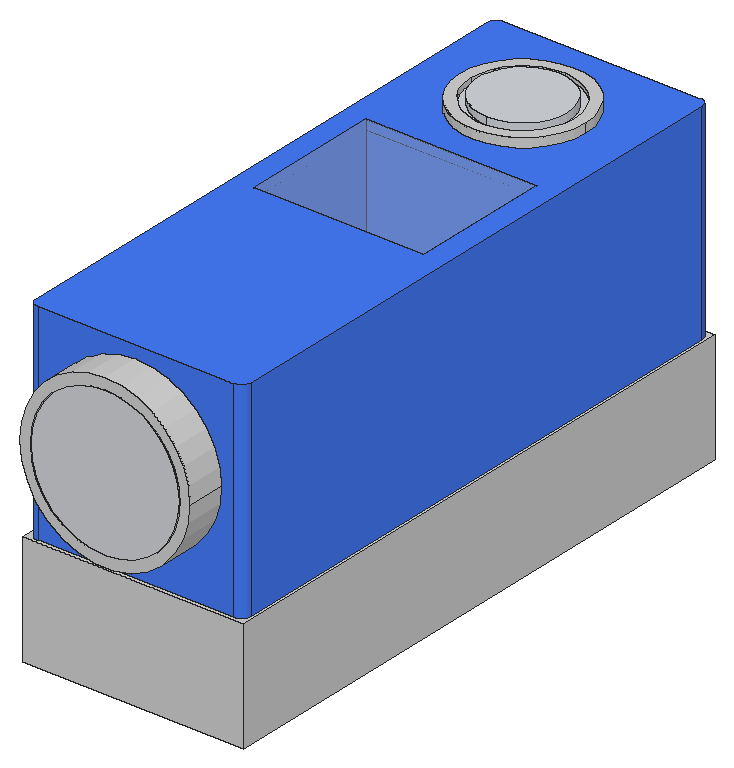
Revit family "Building-IEC309Connections-GEWISS-66IB-INTERLOCKED-SOCKET-OUTLETS-HD_IP66_WITH_BOTTOM_24V", category Apparecchi elettrici, host Superficie, Revit 2019
Family settings
  Host = Superficie
  Mantenere orientamento annotazione = Sì
  Quota connettore circolare = Usa diametro
  Tipo di parte = Normale
  Taglio con vuoti quando caricato = Sì
  Condiviso = Sì
  Punto di calcolo locali = Sì
Parameters (values of type "GW66998 - VR. S.-OUT. WB. 2P 160VA TF. 230/24V CBF")
  vetro = Default - Vetro
  presa = Grigio RAL - 7035
  giallo = 0 mm
  dist_piano [instance] = 0 mm
  Working temperature = "-25 ÷ +40 °C"
  With back-mounting box = "Yes"
  Voltaggio = 0 V
  Vista_2d_pianta [instance] = yes
  Version file RFA = "21.4"
  URL = "https://www.gewiss.com/ww/en"
  Typology = "Vertical"
  Type of use = "Heavy duty"
  Type of fuse = "Ø 10.3x38 mm"
  Thermo-pressure with ball = "80 °C"
  Technical sheet = "https://www.gewiss.com/ww/en/search?q=GW66998"
  Struttura = Grigio RAL - 7035
  Simbolo presa = PRESAINDSTAGNA : 3P
  Simbolo [instance] = no
  Simb_circuito [instance] = not(Simbolo)  # yes
  Shock resistance = "> IK10"
  SEO = "Socket outlet"
  Realized by GEWISS S.p.A. = ""
  Rated power = "160VA"
  Rated frequency (Hz) = "50Hz"
  Rated current (In) = "16"
  Rated current (A) = "16"
  Protection = "Safety transformer"
  Default Elevation = 1219.2 mm
  Produttore = "GEWISS S.p.A."
  Power = "160VA"
  Output voltage = "20-25 V"
  Operating temperature: = "-25 +40 °C"
  Number of poles = "2P"
  No. of poles = "2P"
  N_poli = 1
  Modello = "GW66998"
  Impact resistance at -20 Â°C = "20J"
  Immagine tipo = T.jpg
  IP degree = "IP66"
  IDT = "2d669e67-5247-4248-86bf-ba56704f2efd"
  IDF = "706a5ebe-ff9d-462f-b53a-49af0794706a"
  Glow wire test: = "850 °C"
  Glow Wire Test = "850 °C"
  Frequency = "50Hz"
  Electrocod = "2222"
  EAN code = "8011564184121"
  Distanza x [instance] = 300 mm
  Distanza orizzontale simbolo [instance] = 1.092 mm
  Distanza effettiva x [instance] = 1500 mm - Distanza x  # 1200 mm
  Descrizione = "VR. S.-OUT. WB. 2P 160VA TF. 230/24V CBF"
  Corpo presa = Light Blue
  Cornice simbolo [instance] = yes
  Colour: = "Violet"
  Colour = "Violet"
  Catalogue Range = "66 IB"
  Catalogue = "BUILDING"
  COBie.Tagnumber = ""
  COBie.CreatedOn = ""
  COBie.CreatebBy = ""
  COBie.ComponentRegisterItemID = ""
  COBie.Component.TagNumber = ""
  COBie.Component.Space = ""
  COBie.Component.SerialNumber = ""
  COBie.Component.InstallationDate = ""
  COBie.Component.Description = ""
  COBie.Component.BarCode = ""
Reference planes
  plane 1 "Centro (Fronte/Retro)": y = 0
  plane 2: z = 0
  plane 3 "Centro (Sinistra/Destra)": x = 0
  plane 4: z = -2
  plane 5: x = -300
  plane 6: x = -1500
  plane 7: x = -300
  plane 8: through (-170.762, -4572, -38.353) normal (-0.6157, 0, 0.788)
  plane 9: x = -51.152
  plane 10: x = 53.222
  plane 11: z = -2
  plane 12: x = -74
  plane 13: x = 74
  plane 14: y = 392
  plane 15: y = -2
Forms (mm)
  Extrusion 1, solid, material "Grigio RAL - 7035" <- "Struttura"
    sketch origin (0, 0, 0) x (1, 0, 0) y (0, 1, 0)
      loop
        line (-74, 392) -> (-74, -2) -> (74, -2) -> (74, 392) -> (-74, 392)
    from -2 to 73
Lines and regions (mm)
  Masking region 1, visible <- "Vista_2d_pianta"
    outline origin (0, 0, 0) x (1, 0, 0) y (0, 0, 1)
  Masking region 2, visible <- "Vista_2d_pianta"
    outline origin (0, 0, 0) x (1, 0, 0) y (0, 0, 1)
      loop
        line (-74, 0) -> (74, 0) -> (74, 219) -> (-74, 219) -> (-74, 0)
Dimensions and locks
  locked: plane 2 to plane 4 at 2
  "Distanza effettiva x": plane 5 to plane 6
  plane 3 "Centro (Sinistra/Destra)" to plane 6 = 1500 mm
  "Distanza effettiva x": plane 6 to plane 7
  locked: plane 15 to plane 1 "Centro (Fronte/Retro)" at 2
  locked: Extrusion 1 to plane 11 at 75
  "dist_piano": plane 11 to plane 4
  plane 6 to plane 3 "Centro (Sinistra/Destra)" = 1500 mm
  angle plane 8 to plane 4 = 142.00°
  angle plane 7 to plane 8 = 128.00°
  aligned and locked: plane 2 to host face
  aligned and locked: level to host face
  aligned and locked: plane 3 "Centro (Sinistra/Destra)" to nested 1
  aligned and locked: plane 7 to nested 3
  aligned and locked: Extrusion 1 sketch curve to plane 12
  aligned and locked: Extrusion 1 sketch curve to plane 14
  aligned and locked: Extrusion 1 sketch curve to plane 13
  aligned and locked: Extrusion 1 sketch curve to plane 15
  aligned and locked: Extrusion 1 to plane 11
  aligned and locked: Masking region 2 to plane 12
  aligned and locked: plane 13 to Masking region 2
  aligned and locked: Masking region 2 to level
  aligned and locked: nested 1 to Extrusion 1
  aligned and locked: plane 7 to nested 2
Automatic sketch dimensions
  host sketch curve to host sketch curve = 2438.4 mm  (x2)
  Masking region 2 sketch curve to plane 10 = 20.778 mm
  plane 9 to Masking region 2 sketch curve = 22.848 mm
  level to Masking region 2 sketch curve = 0 mm
  Masking region 2 sketch curve to Masking region 2 sketch curve = 219 mm
Nested families
  nested 1: "66IB PRESE INTERBLOC IMP GRAVOSI 24V IP66_master" at (0, 0, -2), type "66IB PRESE INTERBLOC IMP GRAVOSI 24V IP66_master", detail levels medium+fine
  nested 2: "simbolo_gravosi 24" at (-300, 30.442, 0), Distanza dal muro <- "Distanza orizzontale simbolo", SIMBOLO ACCESO <- "Simb_circuito", type "3P"
  nested 3: "PRESAINDSTAGNA" at (-300, 23.722, 0), Distanza dal muro <- "Distanza orizzontale simbolo", SIMBOLO ACCESO <- "Simbolo", type "3P"
    with SIMBOLO ACCESO no, Distanza dal muro 1.092 mm, BORDO ACCESO yes
Connectors
  electrical at (0, -26, 147.929), driven by "N_poli", driven by "Voltaggio"
    settings: on nested 1, index 1, voltage 0 V, apparent load 0 VA, apparent load phase1 0 VA, apparent load phase2 0 VA, apparent load phase3 0 VA, power factor 1, load classification "Altro", number of poles 1, system type 31, power factor state 1, is connector primary yes, connector utility no, sub classification motor no, connector description ""
Definition of nested family "66IB PRESE INTERBLOC IMP GRAVOSI 24V IP66_master"
  Parameters (values of type "66IB PRESE INTERBLOC IMP GRAVOSI 24V IP66_master")
    w = 144 mm
    d_piano = 75 mm
    corpo presa = none
    Vetro = none
    Struttura = none
    Spessore = 30 mm
    Raggio = 40 mm
    Default Elevation = 14 mm
    Presa = none
    Lunghezza = 103 mm
    IFC.TypeObject = ""
    IFC.ExportType = ""
    IFC.ExportAs = ""
    H_da terra = 586.883 mm
    COBie.CreatedOn = ""
    COBie.CreatebBy = ""
    COBie.ComponentRegisterItemID = ""
    COBie.Component.TagNumber = ""
    COBie.Component.Space = ""
    COBie.Component.SerialNumber = ""
    COBie.Component.InstallationDate = ""
    COBie.Component.Description = ""
    COBie.Component.BarCode = ""
    Altezza = 390 mm
  Reference planes
    plane 1 "Centro (Fronte/Retro)": y = 0
    plane 2: z = 0
    plane 3 "Centro (Sinistra/Destra)": x = 0
    plane 4 "presa": z = 231
    plane 5: z = 221
    plane 6: z = 215
    plane 7: x = -72
    plane 8: x = 72
    plane 9: y = 390
    plane 10: y = 0
    plane 11: y = 324
    plane 12: z = 218
    plane 13: y = 217
    plane 14: x = -57
    plane 15: x = 57
    plane 16: y = 264
    plane 17: y = 170
    plane 18: z = 84.858
    plane 19: z = 208.562
    plane 20: z = 75
    plane 21: z = 149.929
    plane 22 "presa fronte": y = -26
  Forms (mm)
    Extrusion 1, solid, material <- "Struttura"
      sketch origin (0, -427.104, -30) x (1, 0, 0) y (0, 1, 0)
        loop
          circle (0, 751.104) r 34.75
        loop
          circle (0, 751.104) r 42.079
      from 245 to 251
    Extrusion 2, solid, material <- "corpo presa"
      sketch origin (-2.5, -699.604, -30) x (1, 0, 0) y (0, 1, 0)
        loop
          arc (74.5, 1083.298) -> (72.653, 1087.757) -> (68.194, 1089.604) r 6.306
          line (68.194, 1089.604) -> (-63.194, 1089.604)
          arc (-63.194, 1089.604) -> (-67.653, 1087.757) -> (-69.5, 1083.298) r 6.306
          line (-69.5, 1083.298) -> (-69.5, 706.118)
          arc (-69.5, 706.118) -> (-67.592, 701.512) -> (-62.985, 699.604) r 6.515
          line (-62.985, 699.604) -> (67.985, 699.604)
          arc (67.985, 699.604) -> (72.592, 701.512) -> (74.5, 706.118) r 6.515
          line (74.5, 706.118) -> (74.5, 1083.298)
      from 105 to 245
    Extrusion 3, solid
      sketch origin (0, 0, 231) x (0, -1, 0) y (1, 0, 0)
        loop
          circle (-324, 0) r 34.75
      from -16 to -13
    Extrusion 4, void
      sketch origin (0, 0, 231) x (0, -1, 0) y (1, 0, 0)
        loop
          line (-170, -57) -> (-170, 57) -> (-264, 57) -> (-264, -57) -> (-170, -57)
      from -146.142 to -16
    Extrusion 5, solid, material <- "Vetro"
      sketch origin (0, 0, 231) x (0, -1, 0) y (1, 0, 0)
        loop
          line (-170, -57) -> (-170, 57) -> (-264, 57) -> (-264, -57) -> (-170, -57)
      from -22.438 to -16
    Extrusion 6, solid, material <- "Presa"
      sketch origin (0, 0, 0) x (1, 0, 0) y (0, 0, 1)
        loop
          circle (0, 149.929) r 57
        loop
          circle (0, 149.929) r 50
      from 0 to 26
    Extrusion 7, solid
      sketch origin (0, 0, 0) x (1, 0, 0) y (0, 0, 1)
        loop
          circle (0, 149.929) r 50
      from 0 to 26
    Extrusion 8, solid
      sketch origin (0, 0, 231) x (0, -1, 0) y (1, 0, 0)
        loop
          circle (-324, 0) r 30
      from -16 to -8.009
  Cuts and joins
    Extrusion 4 cuts Extrusion 2
  Lines and regions (mm)
    symbolic lines
      curve 1: line (0, -26, 199.929) -> (0, -26, 99.929)
      curve 2: line (50, -26, 149.929) -> (-50, -26, 149.929)
  Dimensions and locks
    locked: plane 5 to plane 4 "presa" at 10
    locked: plane 6 to plane 5 at 6
    equal spacing: plane 7, plane 3 "Centro (Sinistra/Destra)", plane 8
    "w": plane 7 to plane 8
    "Altezza": plane 1 "Centro (Fronte/Retro)" to plane 9
    locked: plane 9 to plane 11 at 66
    locked: plane 12 to plane 6 at 3
    locked: plane 9 to plane 13 at 173
    equal spacing: plane 14, plane 3 "Centro (Sinistra/Destra)", plane 15
    plane 14 to plane 15 = 114 mm
    equal spacing: plane 16, plane 13, plane 17
    locked: plane 16 to plane 17 at 94
    locked: plane 6 to plane 19 at 6.438
    plane 6 to plane 20 = 140 mm
    "d_piano": plane 20 to level
    locked: plane 18 to plane 20 at 9.858
    locked: plane 22 "presa fronte" to plane 10 at 26
    diameter of Extrusion 1 sketch curve = 69.5 mm
    radius of Extrusion 3 sketch curve = 34.75 mm
    aligned and locked: level to plane 2
    aligned and locked: Extrusion 1 to Extrusion 2
    aligned and locked: Extrusion 2 to plane 6
    aligned and locked: Extrusion 1 to plane 5
    aligned and locked: Extrusion 2 sketch curve to plane 7
    aligned and locked: Extrusion 2 sketch curve to plane 8
    aligned and locked: Extrusion 2 sketch curve to plane 9
    aligned and locked: plane 10 to Extrusion 2 sketch curve
    aligned and locked: plane 10 to plane 1 "Centro (Fronte/Retro)"
    aligned and locked: plane 11 to Extrusion 1 sketch curve
    aligned and locked: plane 3 "Centro (Sinistra/Destra)" to Extrusion 1 sketch curve
    aligned and locked: plane 3 "Centro (Sinistra/Destra)" to Extrusion 3 sketch curve
    aligned and locked: plane 11 to Extrusion 3 sketch curve
    aligned and locked: plane 6 to Extrusion 3
    aligned and locked: plane 12 to Extrusion 3
    aligned and locked: Extrusion 4 sketch curve to plane 14
    aligned and locked: Extrusion 4 sketch curve to plane 17
    aligned and locked: Extrusion 4 sketch curve to plane 15
    aligned and locked: Extrusion 4 sketch curve to plane 16
    aligned and locked: Extrusion 4 to plane 18
    aligned and locked: Extrusion 4 to plane 6
    aligned and locked: Extrusion 5 sketch curve to plane 14
    aligned and locked: Extrusion 5 sketch curve to plane 17
    aligned and locked: Extrusion 5 sketch curve to plane 16
    aligned and locked: Extrusion 5 sketch curve to plane 15
    aligned and locked: Extrusion 5 to plane 19
    aligned and locked: Extrusion 5 to plane 6
    aligned and locked: plane 20 to cut or joined group of Extrusion 2, Extrusion 4
    aligned and locked: plane 3 "Centro (Sinistra/Destra)" to Extrusion 6 sketch curve
    aligned and locked: plane 21 to Extrusion 6 sketch curve
    aligned and locked: Extrusion 6 to plane 22 "presa fronte"
    aligned and locked: plane 3 "Centro (Sinistra/Destra)" to Extrusion 7 sketch curve
    aligned and locked: plane 21 to Extrusion 7 sketch curve
    aligned and locked: Extrusion 7 to plane 1 "Centro (Fronte/Retro)"
    aligned and locked: Extrusion 7 to plane 22 "presa fronte"
    aligned and locked: plane 3 "Centro (Sinistra/Destra)" to curve 1
    aligned and locked: curve 2 to plane 21
    aligned and locked: plane 11 to Extrusion 8 sketch curve
    aligned and locked: plane 3 "Centro (Sinistra/Destra)" to Extrusion 8 sketch curve
    aligned and locked: Extrusion 1 to Extrusion 8
  Automatic sketch dimensions
    Extrusion 2 sketch curve to Extrusion 2 sketch curve = 6.306 mm  (x2)
    Extrusion 2 sketch curve to Extrusion 2 sketch curve = 6.515 mm  (x2)
    Extrusion 1 sketch curve to Extrusion 1 sketch curve = 0 mm  (x2)
    Extrusion 6 sketch curve to Extrusion 6 sketch curve = 0 mm  (x2)
    plane 18 to curve 1 = 15.071 mm
    curve 1 to plane 19 = 8.633 mm
    curve 2 to plane 14 = 7 mm
    plane 15 to curve 2 = 7 mm
    radius of Extrusion 1 sketch curve = 42.079 mm
    radius of Extrusion 6 sketch curve = 57 mm
    radius of Extrusion 6 sketch curve = 50 mm
    radius of Extrusion 7 sketch curve = 50 mm
    radius of Extrusion 8 sketch curve = 30 mm
Definition of nested family "simbolo_gravosi 24"
  Parameters (values of type "3P")
    SIMBOLO ACCESO [instance] = yes
    SIMBOLO = PRESAINDSTAGNA_BASE : 3P
    Distanza dal muro [instance] = 1.092 mm
    BORDO ACCESO [instance] = yes
  Reference planes
    plane 1: y = 0
    plane 2: x = 0
  Dimensions and locks
    "Distanza dal muro": plane 1 to import instance
    aligned and locked: import instance to plane 2
Definition of nested family "PRESAINDSTAGNA"
  Parameters (values of type "3P")
    SIMBOLO ACCESO [instance] = yes
    SIMBOLO = PRESAINDSTAGNA_BASE : 3P
    Distanza dal muro [instance] = 0 mm
    BORDO ACCESO [instance] = yes
  Types (2): name
    2P
    3P
  Reference planes
    plane 1: y = 0
    plane 2: x = 0
  Dimensions and locks
    "Distanza dal muro": plane 1 to nested 1
    aligned and locked: plane 2 to nested 1
  Nested families
    nested 1: "PRESAINDSTAGNA_BASE" at (0, 0, 0), type <- "SIMBOLO", CORNICE SIMBOLO <- "BORDO ACCESO", visible <- "SIMBOLO ACCESO", type "3P"
  Definition of nested family "PRESAINDSTAGNA_BASE"
    Parameters (values of type "3P")
      CORNICE SIMBOLO [instance] = yes
      3P = yes
    Types (2, lengths in mm): name | 3P
      3P | yes
      2P | no
    Reference planes
      plane 1: y = 0
      plane 2: x = 0
    Lines and regions (mm)
      detail lines, not visible
        curve 1: line (-2.443, 10.208, 0) -> (2.057, 10.208, 0)
        curve 2: line (2.057, 10.208, 0) -> (2.057, 4.208, 0)
        curve 3: line (2.057, 4.208, 0) -> (-2.443, 4.208, 0)
        curve 4: line (-2.443, 4.208, 0) -> (-2.443, 10.208, 0)
        curve 5: line (-2.043, 9.808, 0) -> (1.657, 9.808, 0)
        curve 6: line (1.657, 9.808, 0) -> (1.657, 4.608, 0)
        curve 7: line (1.657, 4.608, 0) -> (-2.043, 4.608, 0)
        curve 8: line (-2.043, 4.608, 0) -> (-2.043, 9.808, 0)
      detail lines
        curve 9: line (-0.333, 0.928, 0) -> (-0.05, 0.928, 0)
        curve 10: line (-0.05, 0.928, 0) -> (0.417, 1.737, 0)
        curve 11: line (0.417, 1.737, 0) -> (0.764, 1.537, 0)
        curve 12: line (-0.05, 0.928, 0) -> (-0.333, 0.437, 0)
        curve 13: line (-0.333, 0.437, 0) -> (-0.333, 2.059, 0)
        curve 14: line (0.222, 1.399, 0) -> (0.569, 1.199, 0)
        curve 15: line (-0.723, 0.437, 0) -> (0.057, 0.437, 0)
        curve 16: line (-0.333, 0.81, 0) -> (-0.216, 0.928, 0)
        curve 17: line (-0.333, 0.741, 0) -> (-0.147, 0.928, 0)
        curve 18: line (-0.333, 0.672, 0) -> (-0.078, 0.928, 0)
        curve 19: line (-0.333, 0.603, 0) -> (-0.106, 0.831, 0)
        curve 20: line (-0.333, 0.534, 0) -> (-0.2, 0.668, 0)
        curve 22: arc (-0.723, 0.047, 0) -> (-0.333, 0.437, 0) -> (0.057, 0.047, 0) r 0.39
        curve 23: line (-0.8, 2.1, 0) -> (0.8, 2.1, 0)
        curve 24: line (-0.8, 0, 0) -> (-0.8, 2.1, 0)
        curve 25: line (0.8, 0, 0) -> (-0.8, 0, 0)
        curve 26: line (0.8, 2.1, 0) -> (0.8, 0, 0)
      detail lines, visible <- "3P"
        curve 21: line (0.028, 1.061, 0) -> (0.374, 0.861, 0)
